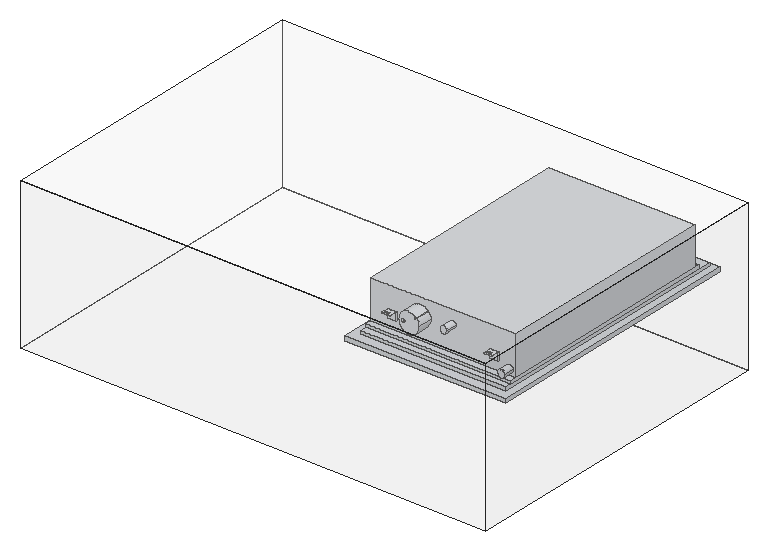
Revit family "pmfy-p36_80fmg9_60hz", category 機械設備, Revit 2019
Family settings
  丸型コネクタ寸法 = 直径を使用
  パーツ タイプ = 標準
  OmniClass 番号 = 23.75.10.24.21.27.27
  OmniClass タイトル = Split System Air Conditioning Units
  作業面ベース = いいえ
  常に垂直 = はい
  ロード時にボイドで切り取り = いいえ
  共有 = いいえ
  部屋計算ポイント = はい
Parameters (values of type "天井1方向_PMFY-P36FMG9")
  風量（静）（m3／min） = 11
  風量（強）（m3／min） = 14
  風量（弱）（m3／min） = 12
  風量（中）（m3／min） = 13
  風量 = MAX風量  # 840.0 m³/h
  音響パワーレベル（弱）(dB) = 47
  音響パワーレベル（中2）(dB) = 49
  音響パワーレベル（中1）(dB) = 51
  音響パワーレベル(dB) = 53
  電源種別 = ""
  電源_H = 60 mm
  電圧 = 200 V
  電動機出力_送風機 = 0.09 kW
  運転質量 = 0.00 kg
  連動 = ""
  質量 = if(製品質量 > 運転質量, 製品質量, 運転質量) * 1.2  # 39.00 kg
  負荷分類 = 3_ファン類
  構成品番 = "PMFY-P36FMG9"
  ドレン管径 (外径) = 32 mm
  ドレン管径 = 25 mm
  サービススペース = yes
  【値が 0 の項目は組合せ形名にてご確認ください】 = ""
  URL = "https://www.mitsubishielectric.co.jp/ldg/wink/ssl/displayProduct.do?pid=321266"
  説明 = "店舗・事務所用パッケージエアコン(Mr.SLIM) [本体]1方向天井カセット形"
  設計暖房能力 = 0.00 kW
  設計冷房能力_顕熱 = 0 kW
  設計冷房能力 = 0 kW
  設置方法 = "カセット形"
  記号 = ""
  製造元 = "三菱電機株式会社"
  製品質量 = 32.50 kg
  製品出荷対象 = "国内"
  製品リリース年月 = "2022/9/15"
  製品グループ = ""
  系統 = ""
  符号 = "PAC-CK1"
  積算_科目 = "1 空気調和設備"
  積算_拾い区分 [instance] = ""
  相 = 1
  盤記号 = ""
  発停方法 = "付属スイッチ"
  特殊仕様 = ""
  火災停止 = ""
  消費電力_暖房 = 0.06 kW
  消費電力_冷房 = 0.07 kW
  消費電力 = if(消費電力_冷房 > 消費電力_暖房, 消費電力_冷房, 消費電力_暖房)  # 0.07 kW
  法定耐用年数 = "6"
  極数 = 1
  材質 = ""
  本体マテリアル = none
  有効加湿量 = 0
  暖房能力 = 4.00 kW
  推奨ブレーカー容量 = 0 A
  形式_加湿器 = ""
  形式 = "1方向天井カセット形"
  幹線記号 = ""
  始動方式 = "直入"
  呼称 = "パッケージ形空気調和機_室内機"
  周波数 = 60 Hz
  吊り位置Y = 1173 mm
  吊り位置X = 510 mm
  吊りボルト_H = 117 mm
  台数_手元リモコン = ""
  台数_冷媒分岐ユニット = ""
  参照している仕様書等のバージョン = "公共建築工事標準仕様書（機械設備工事編）平成31年度版"
  加湿給水管径 = 0 mm
  分類コード = "50053003123030"
  分類グループ = ""
  冷房能力 = 3.6 kW
  冷媒高低圧ガス管径 = 0 mm
  冷媒管径符号 = "Ac"
  冷媒管径 = 100 mm
  冷媒液管高さ = 171 mm
  冷媒液管長さ = 72 mm
  冷媒液管径 = 6.4 mm
  冷媒ガス管高さ = 141 mm
  冷媒ガス管長さ = 72 mm
  冷媒ガス管径 = 12.7 mm
  企業コード = "108420"
  付属品_フィルター = ""
  付属品 = ""
  仕様書バージョン = "Version1.0"
  Model = ""
  パネルマテリアル = none
  ドレン管高さ = 159 mm
  コメント [instance] = ""
  ケーブル種類 = ""
  ケーブルサイズ = 0 mm
  Width = 724 mm
  Version = ""
  Uniclass2015Version = "Systems v1.9"
  Uniclass2015Title = "Split coil remote air cooled condensing units"
  Uniclass2015Code = "Pr_70_65_03_84"
  SpecificationReference = ""
  SpecificationDescription = ""
  S_H = 230 mm
  Revision = ""
  ProductInformation = ""
  Panel Width = 800 mm
  Panel Height = 20 mm
  Panel Depth = 1340 mm
  OmniClassCode = "23-33 17 13 11"
  MIN風量 = 風量（静）（m3／min） * 60.0 m³/h  # 660.0 m³/h
  MID風量2 = 風量（弱）（m3／min） * 60.0 m³/h  # 720.0 m³/h
  MID風量 = 風量（中）（m3／min） * 60.0 m³/h  # 780.0 m³/h
  MAX風量 = 風量（強）（m3／min） * 60.0 m³/h  # 840.0 m³/h
  IfcTypeProduct = ""
  IfcProduct = ""
  IfcExportType = "AIRCONDITIONINGUNIT"
  IfcExportAs = "IfcUnitaryEquipmentType"
  Height = 225 mm
  Depth = 1112 mm
  価格 = 0
  Clearance Top = 230 mm
  Clearance Right = 20 mm
  Clearance Left = 1500 mm
  Clearance Front = 150 mm
  Clearance Bottom = 500 mm
  Clearance Back = 150 mm
  Author = "三菱電機株式会社"
Types (5, lengths in mm): name | 風量（静）（m3／min） | 風量（強）（m3／min） | 風量（弱）（m3／min） | 風量（中）（m3／min） | 風量 | 音響パワーレベル（弱）(dB) | 音響パワーレベル（中2）(dB) | 音響パワーレベル（中1）(dB) | 音響パワーレベル(dB) | 電源_H | 電動機出力_送風機 | 質量 | 構成品番 | URL | 製品質量 | 消費電力_暖房 | 消費電力_冷房 | 消費電力 | 暖房能力 | 冷房能力 | 冷媒管径符号 | 冷媒液管径 | 冷媒ガス管径 | MIN風量 | MID風量2 | MID風量 | MAX風量
  天井1方向_PMFY-P36FMG9 | 11 | 14 | 12 | 13 | 840.0 m³/h | 47 | 49 | 51 | 53 | 60 | 0.09 kW | 39.00 kg | "PMFY-P36FMG9" | "https://www.mitsubishielectric.co.jp/ldg/wink/ssl/displayProduct.do?pid=321266" | 32.50 kg | 0.06 kW | 0.07 kW | 0.07 kW | 4.00 kW | 3.6 kW | "Ac" | 6.4 | 12.7 | 660.0 m³/h | 720.0 m³/h | 780.0 m³/h | 840.0 m³/h
  天井1方向_PMFY-P45FMG9 | 11 | 15 | 12 | 14 | 900.0 m³/h | 47 | 50 | 52 | 54 | 60 | 0.09 kW | 39.00 kg | "PMFY-P45FMG9" | "https://www.mitsubishielectric.co.jp/ldg/wink/ssl/displayProduct.do?pid=321237" | 32.50 kg | 0.06 kW | 0.07 kW | 0.07 kW | 5.00 kW | 4.5 kW | "Ac" | 6.4 | 12.7 | 660.0 m³/h | 720.0 m³/h | 840.0 m³/h | 900.0 m³/h
  天井1方向_PMFY-P56FMG9 | 11 | 16 | 12 | 14 | 960.0 m³/h | 48 | 50 | 52 | 55 | 60 | 0.09 kW | 39.00 kg | "PMFY-P56FMG9" | "https://www.mitsubishielectric.co.jp/ldg/wink/ssl/displayProduct.do?pid=321238" | 32.50 kg | 0.07 kW | 0.08 kW | 0.08 kW | 6.30 kW | 5.6 kW | "Ac" | 6.4 | 12.7 | 660.0 m³/h | 720.0 m³/h | 840.0 m³/h | 960.0 m³/h
  天井1方向_PMFY-P71FMG9 | 14 | 19 | 16 | 17 | 1140.0 m³/h | 51 | 53 | 54 | 56 | 60 | 0.095 kW | 40.20 kg | "PMFY-P71FMG9" | "https://www.mitsubishielectric.co.jp/ldg/wink/ssl/displayProduct.do?pid=321239" | 33.50 kg | 0.09 kW | 0.10 kW | 0.10 kW | 8.00 kW | 7.1 kW | "Bd" | 9.5 | 15.9 | 840.0 m³/h | 960.0 m³/h | 1020.0 m³/h | 1140.0 m³/h
  天井1方向_PMFY-P80FMG9 | 14 | 20 | 16 | 18 | 1200.0 m³/h | 51 | 53 | 55 | 58 | 0 | 0.095 kW | 40.20 kg | "PMFY-P80FMG9" | "https://www.mitsubishielectric.co.jp/ldg/wink/ssl/displayProduct.do?pid=321269" | 33.50 kg | 0.09 kW | 0.10 kW | 0.10 kW | 9.00 kW | 8 kW | "Bd" | 9.5 | 15.9 | 840.0 m³/h | 960.0 m³/h | 1080.0 m³/h | 1200.0 m³/h
Reference planes
  plane 1 "中心(正面/背面)": y = 0
  plane 2: z = 0
  plane 3 "中心(左/右)": x = 0
  plane 4: x = -400
  plane 5: x = 400
  plane 6: y = 670
  plane 7: y = -670
  plane 8: z = 225
  plane 9: z = 230
  plane 10: x = -255
  plane 11: x = 255
  plane 12: y = 586.5
  plane 13: y = -586.5
  plane 14: y = 556
  plane 15: y = -556
  plane 16: x = -362
  plane 17: x = 362
  plane 18: x = -1900
  plane 19: x = 420
  plane 20: y = 820
  plane 21: y = -820
  plane 22: z = 230
  plane 23: z = -20
  plane 24: z = -520
Dimensions and locks
  equal spacing: plane 4, plane 3 "中心(左/右)", plane 5
  plane 4 to plane 5 = 800 mm
  equal spacing: plane 7, plane 1 "中心(正面/背面)", plane 6
  plane 4 to plane 10 = 145 mm
  plane 11 to plane 5 = 145 mm
  "S_H": plane 9 to level
  "吊り位置X": plane 10 to plane 11
  equal spacing: plane 10, plane 3 "中心(左/右)", plane 11
  equal spacing: plane 13, plane 1 "中心(正面/背面)", plane 12
  "吊り位置Y": plane 13 to plane 12
  equal spacing: plane 15, plane 1 "中心(正面/背面)", plane 14
  "Depth": plane 15 to plane 14
  equal spacing: plane 16, plane 3 "中心(左/右)", plane 17
  "Width": plane 16 to plane 17
  "Clearance Left": plane 18 to plane 4
  "Clearance Right": plane 5 to plane 19
  "Clearance Back": plane 6 to plane 20
  "Clearance Front": plane 21 to plane 7
  locked: level to plane 23 at 20
  "Clearance Bottom": plane 23 to plane 24
  "Clearance Top": plane 22 to level
  plane 12 to plane 6 = 83.5 mm
  plane 7 to plane 13 = 83.5 mm
  plane 7 to plane 6 = 1340 mm
  "Height": plane 8 to level
  nested 3 to plane 2 = 117 mm
  aligned and locked: level to plane 2
  aligned and locked: plane 10 to nested 2
  aligned and locked: plane 11 to nested 2
  aligned and locked: nested 2 to plane 12
  aligned and locked: plane 13 to nested 2
  aligned and locked: plane 18 to nested 1
  aligned and locked: plane 19 to nested 1
  aligned and locked: nested 1 to plane 21
  aligned and locked: nested 1 to plane 20
  aligned and locked: plane 22 to nested 1
  aligned and locked: plane 24 to nested 1
  aligned and locked: plane 1 "中心(正面/背面)" to nested 3
  aligned and locked: nested 3 to plane 3 "中心(左/右)"
Nested families
  nested 1: "サービススペース" at (-740, 0, -145), visible <- "サービススペース", type "サービススペース"
    with Width 2320 mm, Height 750 mm, Depth 1640 mm
  nested 2: "固定点" at (-255, -586.5, 0), type "固定点"
    with W 510 mm, D 1173 mm
  nested 3: "PM-RP○○FA17" at (0, 0, 0) x (0, -1, 0) z (0, 0, 1), type "PM-RP○○FA17"
    with ユニット表示 yes, 冷媒液管径-Z 171 mm, 冷媒ガス管径-Z 141 mm, ドレン配管サイズ 32 mm
Connectors
  piping at (47, -613, 159), diameter 25, driven by "ドレン管径"
    settings: on nested 3, index 1, connector inside diameter 609.6 mm, connector length 0 mm, flow factor 0, pipe flow 0.0 L/s, pressure drop 0.0 Pa, fitting loss kfactor 0, connector angle 0.00°, fixture units 0, engagement length 0 mm, angle of deflection 0.00°, flow configuration 1, flow direction 2, fitting loss method 4, system type 16, joint type 0, gender type 0, connector reference index -1, connector utility 0, adjustable connector no, is connector primary yes, connector description ""
  piping at (-113, -628, 141), diameter 100, driven by "冷媒管径", driven by "冷媒管径符号"
    settings: on nested 3, index 2, connector inside diameter 609.6 mm, connector length 0 mm, flow factor 0, pipe flow 0.0 L/s, pressure drop 0.0 Pa, fitting loss kfactor 0, connector angle 0.00°, fixture units 0, engagement length 0 mm, angle of deflection 0.00°, flow configuration 1, flow direction 1, fitting loss method 4, system type 7, joint type 0, gender type 0, connector reference index -1, connector utility 0, adjustable connector no, is connector primary no, connector description "Ac"
  electrical at (330, -606, 60), driven by "極数", driven by "負荷分類", driven by "電圧", driven by "消費電力"
    settings: on nested 3, index 3, voltage 200 V, apparent load 70 VA, apparent load phase1 0 VA, apparent load phase2 0 VA, apparent load phase3 0 VA, power factor 1, load classification "3_ファン類", number of poles 1, system type 30, power factor state 1, is connector primary yes, connector utility no, sub classification motor no, connector description ""
Definition of nested family "サービススペース"
  Parameters (values of type "サービススペース")
    Width [instance] = 500 mm
    Height [instance] = 500 mm
    Depth [instance] = 500 mm
  Reference planes
    plane 1 "中心(正面/背面)": y = 0
    plane 2: z = 0
    plane 3 "中心(左/右)": x = 0
    plane 4: y = -250
    plane 5: x = 250
    plane 6: y = 250
    plane 7: x = -250
    plane 8: z = 250
    plane 9: z = -250
  Forms (mm)
    Extrusion 1, solid
      sketch origin (-638.939, 0, 72.39) x (1, 0, 0) y (0, 1, 0)
        loop
          line (388.939, 250) -> (388.939, -250) -> (888.939, -250) -> (888.939, 250) -> (388.939, 250)
      from -322.39 to 177.61
  Lines and regions (mm)
    symbolic lines
      curve 1: line (-250, 0, 250) -> (250, 0, 250)
      curve 2: line (-250, 0, -250) -> (-250, 0, 250)
      curve 3: line (250, 0, -250) -> (-250, 0, -250)
      curve 4: line (250, 0, 250) -> (250, 0, -250)
      curve 5: line (0, -250, 250) -> (0, 250, 250)
      curve 6: line (0, -250, -250) -> (0, -250, 250)
      curve 7: line (0, 250, -250) -> (0, -250, -250)
      curve 8: line (0, 250, 250) -> (0, 250, -250)
      curve 9: line (-250, 250, 0) -> (250, 250, 0)
      curve 10: line (-250, -250, 0) -> (-250, 250, 0)
      curve 11: line (250, -250, 0) -> (-250, -250, 0)
      curve 12: line (250, 250, 0) -> (250, -250, 0)
  Dimensions and locks
    equal spacing: plane 7, plane 3 "中心(左/右)", plane 5
    equal spacing: plane 4, plane 1 "中心(正面/背面)", plane 6
    "Depth": plane 4 to plane 6
    "Width": plane 7 to plane 5
    equal spacing: plane 8, plane 2, plane 9
    "Height": plane 8 to plane 9
    aligned and locked: plane 9 to curve 3
    aligned and locked: plane 7 to curve 2
    aligned and locked: curve 4 to plane 5
    aligned and locked: plane 5 to Extrusion 1
    aligned and locked: Extrusion 1 to plane 7
    aligned and locked: Extrusion 1 to plane 9
    aligned and locked: plane 8 to Extrusion 1
    aligned and locked: plane 9 to curve 7
  Automatic sketch dimensions
    plane 4 to Extrusion 1 sketch curve = 0 mm
    Extrusion 1 sketch curve to plane 7 = 0 mm
    Extrusion 1 sketch curve to plane 5 = 0 mm
    plane 6 to Extrusion 1 sketch curve = 0 mm
    curve 2 to plane 8 = 0 mm
    plane 4 to curve 11 = 0 mm
    curve 11 to plane 7 = 0 mm
    curve 11 to plane 5 = 0 mm
    plane 6 to curve 10 = 0 mm
    curve 7 to plane 4 = 0 mm
    curve 7 to plane 6 = 0 mm
    curve 6 to plane 8 = 0 mm
Definition of nested family "PM-RP○○FA17"
  Parameters (values of type "PM-RP○○FA17")
    配線取出口サイズ = 36 mm
    配線取出口-Z = 60 mm
    配線取出口-Y = 32 mm
    配線取出口-X = 50 mm
    液配管サイズ = 6.4 mm
    冷媒ガス管径-Z2 = 141 mm
    冷媒ガス管径-Z1 = 171 mm
    A = 幅さ + 228 mm  # 1340 mm
    高さ = 225 mm
    奥行き = 724 mm
    吊りボルト_H = 117 mm
    冷媒配管 = 100 mm
    冷媒液管径-Z = 156 mm
    冷媒液管径-Y = 445 mm
    冷媒液管径-X = 72 mm
    冷媒ガス管径-Z = 156 mm
    冷媒ガス管径-Y = 505 mm
    冷媒ガス管径-X = 72 mm
    ユニット表示 [instance] = yes
    ボルトピッチ = 510 mm
    ドレン配管サイズ = 25 mm
    ドレン管径-Z = 159 mm
    ドレン管径-Y = 315 mm
    ドレン管径-X = 57 mm
    ガス配管サイズ = 12.7 mm
    D = 幅さ + 61 mm  # 1173 mm
    幅さ = 1112 mm
    B = 幅さ + 188 mm  # 1300 mm
  Reference planes
    plane 1 "中心(正面/背面)": y = 0
    plane 2: z = 0
    plane 3 "中心(左/右)": x = 0
    plane 4: x = -670
    plane 5: x = 670
    plane 6: y = 400
    plane 7: y = -400
    plane 8: z = 225
    plane 9: z = -20
    plane 10: x = -556
    plane 11: x = 556
    plane 12: y = 362
    plane 13: y = -362
    plane 14: z = 16
    plane 15: x = -650
    plane 16: x = 650
    plane 17: x = 586.5
    plane 18: x = -586.5
    plane 19: z = 32
    plane 20: x = 620
    plane 21: y = 255
    plane 22: y = -255
    plane 23: x = 628
    plane 24: y = -143
    plane 25: z = 156
    plane 26: x = 628
    plane 27: y = -83
    plane 28: x = 613
    plane 29: y = 47
    plane 30: z = 159
    plane 31: x = 606
    plane 32: y = 330
    plane 33: z = 60
    plane 34: z = 117
    plane 35: z = 115
    plane 36: z = 75
    plane 37: y = 275
    plane 38: y = 235
    plane 39: y = -235
    plane 40: y = -275
    plane 41: y = 260
    plane 42: y = 250
    plane 43: y = -250
    plane 44: y = -260
    plane 45: x = -596
    plane 46: x = 596
    plane 47: x = -558
    plane 48: x = 558
    plane 49: z = 141
    plane 50: z = 171
  Forms (mm)
    Extrusion 1, solid, visible <- "ユニット表示", detail levels fine
      sketch origin (0, 0, 0) x (1, 0, 0) y (0, 1, 0)
        loop
          line (-556, 362) -> (-556, -362) -> (556, -362) -> (556, 362) -> (-556, 362)
      from 32 to 225
    Extrusion 2, solid, visible <- "ユニット表示", detail levels fine
      sketch origin (-1437.329, -1524, 16) x (-1, 0, 0) y (0, -1, 0)
        loop
          line (-850.829, -1886) -> (-850.829, -1162) -> (-2023.829, -1162) -> (-2023.829, -1886) -> (-850.829, -1886)
      from 0 to 16
    Extrusion 3, solid, visible <- "ユニット表示", detail levels fine
      sketch origin (-1437.329, -1524, 16) x (-1, 0, 0) y (0, -1, 0)
        loop
          line (-787.329, -1886) -> (-787.329, -1162) -> (-2057.329, -1162) -> (-2057.329, -1886) -> (-787.329, -1886)
      from 0 to -16
    Extrusion 4, solid, visible <- "ユニット表示", detail levels fine
      sketch origin (556, 1296.25, 1200) x (0, 1, 0) y (0, 0, 1)
        loop
          circle (-1439.25, -1059) r 6.35
      from 0 to 72
    Extrusion 5, solid, visible <- "ユニット表示", detail levels fine
      sketch origin (556, 1296.25, 1200) x (0, 1, 0) y (0, 0, 1)
        loop
          circle (-1379.25, -1029) r 3.2
      from 0 to 72
    Extrusion 6, solid, visible <- "ユニット表示", detail levels fine
      sketch origin (556, 1296.25, 1200) x (0, 1, 0) y (0, 0, 1)
        loop
          circle (-1249.25, -1041) r 12.5
      from 0 to 57
    Extrusion 7, solid, visible <- "ユニット表示", detail levels fine
      sketch origin (556, 1296.25, 1200) x (0, 1, 0) y (0, 0, 1)
        loop
          circle (-966.25, -1140) r 18
      from 0 to 50
    Extrusion 8, solid, visible <- "ユニット表示", detail levels fine
      sketch origin (556, 1306.25, 1200) x (0, 1, 0) y (0, 0, 1)
        loop
          circle (-1419.25, -1044) r 50
      from 0 to 72
    Extrusion 9, solid, visible <- "ユニット表示"
      sketch origin (0, 0, 0) x (1, 0, 0) y (0, 1, 0)
        loop
          line (-670, 400) -> (-670, -400) -> (670, -400) -> (670, 400) -> (-670, 400)
      from 0 to -20
    Extrusion 10, solid, visible <- "ユニット表示", detail levels fine
      sketch origin (0, 0, 0) x (1, 0, 0) y (0, 1, 0)
        loop
          line (-581.5, 260) -> (-581.5, 250)
          arc (-581.5, 250) -> (-586.5, 245) -> (-591.5, 250) r 5
          line (-591.5, 250) -> (-596, 250) -> (-596, 235) -> (-556, 235) -> (-556, 275) -> (-596, 275) -> (-596, 260) -> (-591.5, 260)
          arc (-591.5, 260) -> (-586.5, 265) -> (-581.5, 260) r 5
        loop
          arc (581.5, 260) -> (586.5, 265) -> (591.5, 260) r 5
          line (591.5, 260) -> (596, 260) -> (596, 275) -> (556, 275) -> (556, 235) -> (596, 235) -> (596, 250) -> (591.5, 250)
          arc (591.5, 250) -> (586.5, 245) -> (581.5, 250) r 5
          line (581.5, 250) -> (581.5, 260)
        loop
          line (581.5, -260) -> (581.5, -250)
          arc (581.5, -250) -> (586.5, -245) -> (591.5, -250) r 5
          line (591.5, -250) -> (596, -250) -> (596, -235) -> (556, -235) -> (556, -275) -> (596, -275) -> (596, -260) -> (591.5, -260)
          arc (591.5, -260) -> (586.5, -265) -> (581.5, -260) r 5
        loop
          arc (-581.5, -260) -> (-586.5, -265) -> (-591.5, -260) r 5
          line (-591.5, -260) -> (-596, -260) -> (-596, -275) -> (-556, -275) -> (-556, -235) -> (-596, -235) -> (-596, -250) -> (-591.5, -250)
          arc (-591.5, -250) -> (-586.5, -245) -> (-581.5, -250) r 5
          line (-581.5, -250) -> (-581.5, -260)
      from 115 to 117
    Extrusion 11, solid, visible <- "ユニット表示", detail levels fine
      sketch origin (0, 0, 0) x (1, 0, 0) y (0, 1, 0)
        loop
          line (-558, 275) -> (-558, 235) -> (-556, 235) -> (-556, 275) -> (-558, 275)
        loop
          line (556, 275) -> (556, 235) -> (558, 235) -> (558, 275) -> (556, 275)
        loop
          line (556, -235) -> (556, -275) -> (558, -275) -> (558, -235) -> (556, -235)
        loop
          line (-558, -235) -> (-558, -275) -> (-556, -275) -> (-556, -235) -> (-558, -235)
      from 75 to 115
  Dimensions and locks
    equal spacing: plane 7, plane 1 "中心(正面/背面)", plane 6
    plane 7 to plane 6 = 800 mm
    equal spacing: plane 4, plane 3 "中心(左/右)", plane 5
    "A": plane 4 to plane 5
    locked: level to plane 9 at 20
    equal spacing: plane 13, plane 1 "中心(正面/背面)", plane 12
    "奥行き": plane 13 to plane 12
    equal spacing: plane 10, plane 3 "中心(左/右)", plane 11
    "幅さ": plane 10 to plane 11
    locked: plane 14 to level at 16
    equal spacing: plane 15, plane 3 "中心(左/右)", plane 16
    "B": plane 15 to plane 16
    equal spacing: plane 18, plane 3 "中心(左/右)", plane 17
    "D": plane 18 to plane 17
    equal spacing: plane 22, plane 1 "中心(正面/背面)", plane 21
    "ボルトピッチ": plane 22 to plane 21
    "冷媒ガス管径-X": plane 11 to plane 23
    "冷媒ガス管径-Y": plane 24 to plane 12
    "冷媒液管径-X": plane 11 to plane 26
    "冷媒液管径-Y": plane 27 to plane 12
    "ドレン管径-X": plane 11 to plane 28
    "ドレン管径-Y": plane 29 to plane 12
    "配線取出口-X": plane 11 to plane 31
    "配線取出口-Y": plane 32 to plane 12
    "配線取出口-Z": plane 33 to level
    "ドレン管径-Z": plane 30 to level
    "冷媒ガス管径-Z": plane 25 to level
    locked: plane 35 to plane 36 at 40
    locked: plane 34 to plane 35 at 2
    "吊りボルト_H": plane 34 to level
    plane 40 to plane 22 to plane 39 = 20 mm locked, 20 mm locked
    plane 38 to plane 21 to plane 37 = 20 mm locked, 20 mm locked
    plane 44 to plane 22 to plane 43 = 5 mm locked, 5 mm locked
    plane 42 to plane 21 to plane 41 = 5 mm locked, 5 mm locked
    locked: plane 45 to plane 10 at 40
    locked: plane 11 to plane 46 at 40
    locked: plane 11 to plane 48 at 2
    locked: plane 47 to plane 10 at 2
    plane 16 to plane 15 = 1300 mm
    plane 4 to plane 15 = 20 mm
    plane 15 to plane 10 = 94 mm
    plane 11 to plane 16 = 94 mm
    plane 12 to plane 6 = 38 mm
    locked: plane 19 to plane 14 at 16
    "高さ": plane 8 to level
    equal spacing: plane 24, Extrusion 8 sketch curve, plane 27
    plane 7 to plane 13 = 38 mm
    plane 16 to plane 5 = 20 mm
    "冷媒ガス管径-Z2": plane 49 to level
    "冷媒ガス管径-Z1": plane 50 to level
    "ガス配管サイズ": diameter of Extrusion 4 sketch curve
    "液配管サイズ": diameter of Extrusion 5 sketch curve
    "配線取出口サイズ": diameter of Extrusion 7 sketch curve
    "冷媒配管": diameter of Extrusion 8 sketch curve
    "ドレン配管サイズ": diameter of Extrusion 6 sketch curve
    aligned and locked: level to plane 2
    aligned and locked: plane 12 to Extrusion 1 sketch curve
    aligned and locked: plane 10 to Extrusion 1 sketch curve
    aligned and locked: Extrusion 1 sketch curve to plane 13
    aligned and locked: Extrusion 1 sketch curve to plane 11
    aligned and locked: plane 8 to Extrusion 1
    aligned and locked: plane 12 to Extrusion 2 sketch curve
    aligned and locked: plane 18 to Extrusion 2 sketch curve
    aligned and locked: Extrusion 2 sketch curve to plane 13
    aligned and locked: Extrusion 2 sketch curve to plane 17
    aligned and locked: plane 19 to Extrusion 2
    aligned and locked: Extrusion 1 to Extrusion 2
    aligned and locked: plane 12 to Extrusion 3 sketch curve
    aligned and locked: Extrusion 3 sketch curve to plane 13
    aligned and locked: Extrusion 3 sketch curve to plane 20
    aligned and locked: Extrusion 3 to level
    aligned and locked: plane 14 to Extrusion 3
    aligned and locked: plane 24 to Extrusion 4 sketch curve
    aligned and locked: Extrusion 4 to plane 11
    aligned and locked: plane 23 to Extrusion 4
    aligned and locked: plane 27 to Extrusion 5 sketch curve
    aligned and locked: plane 26 to Extrusion 5
    aligned and locked: Extrusion 5 to plane 11
    aligned and locked: plane 30 to Extrusion 6 sketch curve
    aligned and locked: plane 29 to Extrusion 6 sketch curve
    aligned and locked: Extrusion 6 to plane 11
    aligned and locked: plane 28 to Extrusion 6
    aligned and locked: plane 33 to Extrusion 7 sketch curve
    aligned and locked: plane 32 to Extrusion 7 sketch curve
    aligned and locked: Extrusion 7 to plane 11
    aligned and locked: plane 31 to Extrusion 7
    aligned and locked: plane 25 to Extrusion 8 sketch curve
    aligned and locked: Extrusion 8 to plane 11
    aligned and locked: plane 26 to Extrusion 8
    aligned and locked: level to Extrusion 9
    aligned and locked: Extrusion 9 to plane 9
    aligned and locked: Extrusion 10 sketch curve to plane 10
    aligned and locked: plane 34 to Extrusion 10
    aligned and locked: Extrusion 10 to plane 35
    aligned and locked: plane 37 to Extrusion 10 sketch curve
    aligned and locked: plane 45 to Extrusion 10 sketch curve  (x2)
    aligned and locked: Extrusion 10 sketch curve to plane 38
    aligned and locked: Extrusion 10 sketch curve to plane 42
    aligned and locked: Extrusion 10 sketch curve to plane 41
    aligned and locked: plane 41 to Extrusion 10 sketch curve  (x3)
    aligned and locked: plane 42 to Extrusion 10 sketch curve  (x3)
    aligned and locked: plane 18 to Extrusion 10 sketch curve  (x4)
    aligned and locked: plane 10 to Extrusion 10 sketch curve
    aligned and locked: Extrusion 10 sketch curve to plane 39
    aligned and locked: plane 40 to Extrusion 10 sketch curve
    aligned and locked: plane 44 to Extrusion 10 sketch curve  (x3)
    aligned and locked: plane 43 to Extrusion 10 sketch curve  (x3)
    aligned and locked: Extrusion 10 sketch curve to plane 43
    aligned and locked: Extrusion 10 sketch curve to plane 44
    aligned and locked: Extrusion 10 sketch curve to plane 45  (x2)
    aligned and locked: plane 11 to Extrusion 10 sketch curve
    aligned and locked: Extrusion 10 sketch curve to plane 46  (x2)
    aligned and locked: plane 17 to Extrusion 10 sketch curve  (x4)
    aligned and locked: Extrusion 10 sketch curve to plane 40
    aligned and locked: plane 39 to Extrusion 10 sketch curve
    aligned and locked: plane 46 to Extrusion 10 sketch curve  (x2)
    aligned and locked: plane 38 to Extrusion 10 sketch curve
    aligned and locked: Extrusion 10 sketch curve to plane 11
    aligned and locked: Extrusion 10 sketch curve to plane 37
    aligned and locked: plane 37 to Extrusion 11 sketch curve
    aligned and locked: plane 47 to Extrusion 11 sketch curve  (x2)
    aligned and locked: Extrusion 11 sketch curve to Extrusion 10  (x8)
    aligned and locked: Extrusion 11 sketch curve to plane 38
    aligned and locked: Extrusion 11 sketch curve to plane 48  (x2)
    aligned and locked: Extrusion 11 sketch curve to plane 40
    aligned and locked: plane 39 to Extrusion 11 sketch curve
    aligned and locked: Extrusion 11 to Extrusion 10
    aligned and locked: Extrusion 11 to plane 36
    aligned and locked: plane 49 to Extrusion 4 sketch curve
    aligned and locked: plane 50 to Extrusion 5 sketch curve
  Automatic sketch dimensions
    Extrusion 9 sketch curve to plane 4 = 0 mm
    Extrusion 9 sketch curve to plane 5 = 0 mm
    plane 7 to Extrusion 9 sketch curve = 0 mm
    plane 6 to Extrusion 9 sketch curve = 0 mm
    Extrusion 10 sketch curve to plane 18 = 5 mm  (x2)
    Extrusion 10 sketch curve to plane 17 = 5 mm  (x2)
    Extrusion 3 sketch curve to plane 15 = 0 mm
Definition of nested family "固定点"
  Parameters (values of type "固定点")
    中心円 = 20 mm
    W [instance] = 1000 mm
    D [instance] = 1000 mm
  Reference planes
    plane 1 "中心(正面/背面)": y = 0
    plane 2: z = 0
    plane 3 "中心(左/右)": x = 0
    plane 4: x = 1000
    plane 5: y = 1000
  Lines and regions (mm)
    symbolic lines, detail levels fine
      curve 1: circle (0, 1000, 0) r 10 normal (0, 0, 1)
      curve 2: circle (0, 0, 0) r 10 normal (0, 0, 1)
      curve 3: circle (1000, 1000, 0) r 10 normal (0, 0, 1)
      curve 4: circle (1000, 0, 0) r 10 normal (0, 0, 1)
      curve 5: line (-200, 1000, 0) -> (1200, 1000, 0)
      curve 6: line (-200, 0, 0) -> (1200, 0, 0)
      curve 7: line (0, 1200, 0) -> (0, -200, 0)
      curve 8: line (1000, 1200, 0) -> (1000, -200, 0)
  Dimensions and locks
    "W": plane 3 "中心(左/右)" to plane 4
    "D": plane 1 "中心(正面/背面)" to plane 5
    "中心円": diameter of curve 1
    "中心円": diameter of curve 2
    "中心円": diameter of curve 3
    "中心円": diameter of curve 4
    aligned and locked: level to plane 2
    aligned and locked: plane 5 to curve 1
    aligned and locked: plane 3 "中心(左/右)" to curve 1
    aligned and locked: plane 3 "中心(左/右)" to curve 2
    aligned and locked: plane 1 "中心(正面/背面)" to curve 2
    aligned and locked: plane 4 to curve 3
    aligned and locked: plane 5 to curve 3
    aligned and locked: plane 1 "中心(正面/背面)" to curve 4
    aligned and locked: plane 4 to curve 4
    aligned and locked: plane 1 "中心(正面/背面)" to curve 6
    aligned and locked: curve 7 to plane 3 "中心(左/右)"
    aligned and locked: curve 8 to plane 4
  Automatic sketch dimensions
    curve 5 to plane 5 = 0 mm
    curve 6 to plane 3 "中心(左/右)" = 200 mm
    curve 5 to plane 3 "中心(左/右)" = 200 mm
    curve 4 to curve 6 = 200 mm
    curve 3 to curve 5 = 200 mm
    plane 1 "中心(正面/背面)" to curve 8 = 200 mm
    plane 1 "中心(正面/背面)" to curve 7 = 200 mm
    curve 3 to curve 8 = 200 mm
    curve 1 to curve 7 = 200 mm
